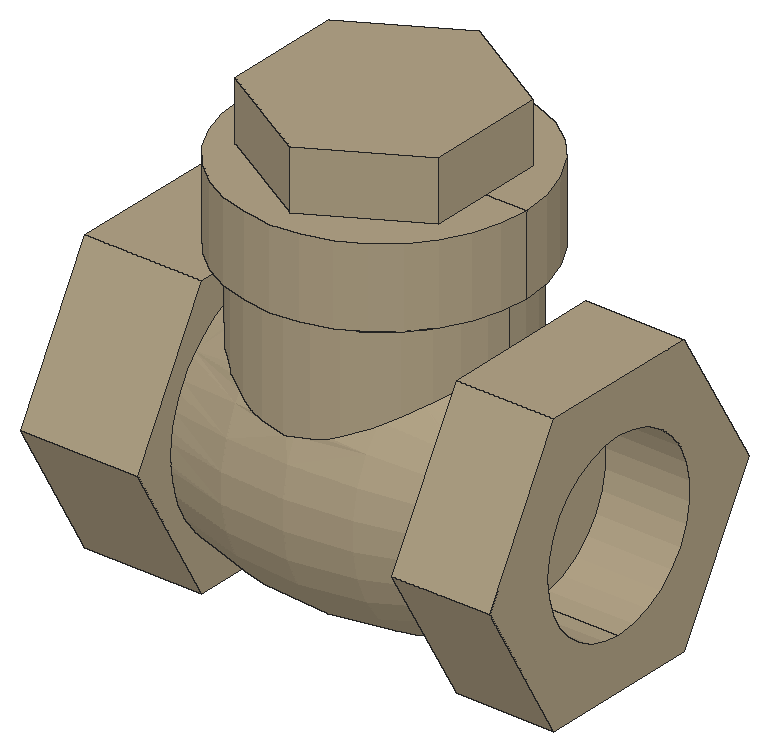
Revit family "Valvula_DeControl_ChequeCortina_Grival", category Pipe Accessories, Revit 2020
Family settings
  Round Connector Dimension = Use Diameter
  Part Type = Valve - Breaks Into
  OmniClass Number = 23.27.31.13.19
  OmniClass Title = Check Balancing Valves
  Work Plane-Based = No
  Always vertical = Yes
  Cut with Voids When Loaded = No
  Shared = No
Parameters (values of type "797150001 (1/2")")
  mm = if(DN = 15, 12.7 mm, if(DN = 20, 20 mm, if(DN = 25, 25 mm, 25 mm)))  # 12.7 mm
  c = 1.7 * Ancho Calc  # 1.774 mm
  b = 2.3 * Ancho Calc  # 2.4 mm
  a = 10 * Ancho Calc  # 10.435 mm
  URL = "https://www.grival.com/soluciones-para-agua/valvulas-de-control/valvulas-cheque/cheque-cortina/"
  Temperatura de uso = "De 4° C A 16° C (40° F y 61° F)."  # constant formula
  Conexión = if(DN = 15, 15 mm, if(DN = 20, 20 mm, if(DN = 25, 25 mm, if(DN = 32, 32 mm, if(DN = 40, 40 mm, if(DN = 50, 50 mm, if(DN = 65, 65 mm, if(DN = 80, 80 mm, if(DN = 100, 100 mm, 100 mm)))))))))  # 15 mm
  Recubrimientos = "Resistente a la corrosión. Condición de servicio recomendada, uso doméstico e institucional."  # constant formula
  Presión de servicio = "Presión de trabajo manométrica máxima del agua 1034 kPa (150 psi) - Presión mínima recomendada 138 kPa (20 psi)."  # constant formula
  Peso = if(DN = 15, "0.15 Kgs", if(DN = 20, "0.22 Kgs", if(DN = 25, "0.35 Kgs", if(DN = 32, "0.53 Kgs", if(DN = 40, "0.74 Kgs", if(DN = 50, "1.17 Kgs", if(DN = 65, "1.81 Kgs", if(DN = 80, "2.43 Kgs", if(DN = 100, "4.9 Kgs", "n/a")))))))))  # "0.15 Kgs"
  Material = Corona_Bronce
  T1 = if(DN = 15, 12 mm, if(DN = 20, 12.5 mm, if(DN = 25, 13 mm, 13 mm)))  # 12 mm
  Inch = if(DN = 15, "1/2", if(DN = 20, "3/4", if(DN = 25, "1", "1")))  # "1/2"
  Fecha de creación = "12/03/2021"  # constant formula
  Default Elevation = 0 mm
  DN = 15
  Type Comments = ""
  Rad = 39.8 * Alto Calc  # 38.044 mm
  PressureDrop [instance] = 0.0 Pa
  Model = "Cheque cortina"  # constant formula
  Manufacturer = "Grival"  # constant formula
  L2 = L / 2 - Conector Offset  # 15.235 mm
  L = if(DN = 15, 48 mm, if(DN = 20, 53 mm, if(DN = 25, 62 mm, 62 mm)))  # 48 mm
  Keynote = ""
  Hex = D + [1] + [1] + [2] + [2]  # 28.676 mm
  Alto Calc = H / 34  # 0.956 mm
  H = if(DN = 15, 32.5 mm, if(DN = 20, 37 mm, if(DN = 25, 42.5 mm, 42.5 mm)))  # 32.5 mm
  Flow [instance] = 0.0 L/s
  T2 = if(DN = 15, 10 mm, if(DN = 20, 12.5 mm, if(DN = 25, 13 mm, 13 mm)))  # 10 mm
  Description = "Permite el paso de agua en una dirección, evitando el flujo en la dirección opuesta."  # constant formula
  D = if(DN = 15, 13 mm, if(DN = 20, 18 mm, if(DN = 25, 22 mm, if(DN = 32, 29 mm, if(DN = 40, 33 mm, if(DN = 50, 42.5 mm, if(DN = 65, 50 mm, if(DN = 80, 62 mm, if(DN = 100, 83 mm, 83 mm)))))))))  # 13 mm
  Ancho Calc = L / 46  # 1.043 mm
  Creado por = "BIMBAU"  # constant formula
  Cost = 0
  Conector Offset = 8.4 * Ancho Calc  # 8.765 mm
  Assembly Code = ""
  5 = 6.3 * Alto Calc  # 6.022 mm
  4 = 1.7 * Alto Calc  # 1.625 mm
  3 = 3.2 * Alto Calc  # 3.059 mm
  2 = 5.4 * Alto Calc  # 5.162 mm
  1 = 2.8 * Alto Calc  # 2.676 mm
Types (3, lengths in mm): name | mm | c | b | a | Conexión | Peso | Material | T1 | Inch | DN | Rad | L2 | L | Hex | Alto Calc | H | T2 | D | Ancho Calc | Conector Offset | 5 | 4 | 3 | 2 | 1
  797150001 (1/2") | 12.7 | 1.774 | 2.4 | 10.435 | 15 | "0.15 Kgs" | Corona_Bronce | 12 | "1/2" | 15 | 38.044 | 15.235 | 48 | 28.676 | 0.956 | 32.5 | 10 | 13 | 1.043 | 8.765 | 6.022 | 1.625 | 3.059 | 5.162 | 2.676
  797160001 (3/4") | 20 | 1.959 | 2.65 | 11.522 | 20 | "0.22 Kgs" | Corona_Bronce | 12.5 | "3/4" | 20 | 43.312 | 16.822 | 53 | 35.847 | 1.088 | 37 | 12.5 | 18 | 1.152 | 9.678 | 6.856 | 1.85 | 3.482 | 5.876 | 3.047
  797170001 (1") | 25 | 2.291 | 3.1 | 13.478 | 25 | "0.35 Kgs" | Brass | 13 | "1" | 25 | 49.75 | 19.678 | 62 | 42.5 | 1.25 | 42.5 | 13 | 22 | 1.348 | 11.322 | 7.875 | 2.125 | 4 | 6.75 | 3.5
Reference planes
  plane 1 "Center (Front/Back)": y = 0
  plane 2: z = 0
  plane 3 "Center (Left/Right)": x = 0
  plane 4: x = -24
  plane 5: x = 24
  plane 6: z = 32.5
  plane 7 "HexBase": z = -14.338
  plane 8 "HexTop": z = 14.338
  plane 9: x = -10.435
  plane 10: x = 10.435
  plane 11: x = -14.609
  plane 12: x = 14.609
  plane 13: z = 9.176
  plane 14: z = -9.176
  plane 15: z = 6.5
  plane 16: z = -6.5
  plane 17: z = 26.478
  plane 18: z = 24.853
  plane 19: x = 12.835
  plane 20: x = -12.835
  plane 21: z = 17.397
  plane 22: through (0, 16.676, -0.207) normal (0, 0.866, 0.5)
  plane 23: through (0, -16.676, -0.207) normal (0, 0.866, -0.5)
  plane 24: through (0, 16.676, 0.207) normal (0, -0.866, 0.5)
  plane 25: through (0, -16.676, 0.207) normal (0, -0.866, -0.5)
  plane 26: through (0, 3.185, 5.517) normal (0, -0.866, 0.5)
  plane 27: through (0, -3.185, 5.517) normal (0, -0.866, -0.5)
  plane 28: through (0.806, 12.496, 1200) normal (0.5, -0.866, 0)
  plane 29: through (11.241, -5.577, 1200) normal (0.5, -0.866, 0)
  plane 30: through (6.023, 3.459, 1200) normal (0.5, -0.866, 0)
  plane 31: through (-0.806, 12.496, 1200) normal (0.5, 0.866, 0)
  plane 32: through (-11.241, -5.577, 1200) normal (0.5, 0.866, 0)
  plane 33: through (-6.023, 3.459, 1200) normal (0.5, 0.866, 0)
  plane 34: x = -15.235
  plane 35: x = 15.235
  plane 36: x = -12
  plane 37: x = 14
  plane 38: y = 7.5
  plane 39: y = -7.5
Forms (mm)
  Revolve 1, solid, material "Corona_Bronce" <- "Material", detail levels fine
    sketch origin (0, 0, 0) x (1, 0, 0) y (0, 0, 1)
      loop
        arc (-24, -5.813) -> (0, -14.338) -> (24, -5.813) r 38.044
        line (24, -5.813) -> (24, 0) -> (-24, 0) -> (-24, -5.813)
      axis (-24, 0) -> (24, 0)
    angle from 0 to 360
  Extrusion 2, solid, material "Corona_Bronce" <- "Material", detail levels fine
    sketch origin (0, 0, 0) x (0, 1, 0) y (0, 0, 1)
      loop
        line (16.556, 0) -> (8.278, 14.338) -> (-8.278, 14.338) -> (-16.556, 0) -> (-8.278, -14.338) -> (8.278, -14.338) -> (16.556, 0)
    from 14 to 24
  Extrusion 3, solid, material "Corona_Bronce" <- "Material", detail levels fine
    sketch origin (0, 0, 0) x (0, 1, 0) y (0, 0, 1)
      loop
        line (16.556, 0) -> (8.278, 14.338) -> (-8.278, 14.338) -> (-16.556, 0) -> (-8.278, -14.338) -> (8.278, -14.338) -> (16.556, 0)
    from -24 to -12
  Revolve 4, solid, material "Corona_Bronce" <- "Material", detail levels fine
    sketch origin (0, 0, 0) x (1, 0, 0) y (0, 0, 1)
      loop
        line (-12.835, 0) -> (0, 0) -> (0, 26.478) -> (-14.609, 26.478) -> (-14.609, 18.421) -> (-12.835, 17.397) -> (-12.835, 0)
      axis (0, 26.478) -> (0, 0)
    angle from 0 to 360
  Extrusion 5, solid, material "Corona_Bronce" <- "Material", detail levels fine
    sketch origin (0, 0, 0) x (1, 0, 0) y (0, 1, 0)
      loop
        line (0, 12.031) -> (-10.435, 6.006) -> (-10.435, -6.043) -> (0, -12.067) -> (10.435, -6.043) -> (10.435, 6.006) -> (0, 12.031)
    from 24.853 to 32.5
  Revolve 6, void
    sketch origin (0, 0, 0) x (1, 0, 0) y (0, 0, 1)
      loop
        line (-24, 9.176) -> (-24, 0) -> (-15.235, 0) -> (-15.235, 9.176) -> (-24, 9.176)
      loop
        line (24, 9.176) -> (15.235, 9.176) -> (15.235, 0) -> (24, 0) -> (24, 9.176)
      axis (-24, 0) -> (24, 0)
    angle from 0 to 360
Cuts and joins
  Revolve 6 cuts Revolve 1
  Revolve 6 cuts Extrusion 2
  Revolve 6 cuts Extrusion 3
  Revolve 6 cuts Revolve 4
  joined: Revolve 1, Extrusion 2, Extrusion 3, Revolve 4, Extrusion 5
Lines and regions (mm)
  reference lines
    curve 1: line (-15.235, 0, 0) -> (15.235, 0, 0)
  model lines, detail levels coarse
    curve 2: line (-15.235, 7.5, 0) -> (-15.235, -7.5, 0)
    curve 3: line (15.235, 7.5, 0) -> (15.235, -7.5, 0)
    curve 4: line (-15.235, -7.5, 0) -> (15.235, 7.5, 0)
    curve 5: line (0, 0, 0) -> (15.235, -7.5, 0)
Dimensions and locks
  equal spacing: plane 5, plane 3 "Center (Left/Right)", plane 4
  "L": plane 5 to plane 4
  "H": plane 6 to plane 2
  "Rad": Revolve 1 sketch curve to plane 7 "HexBase"
  equal spacing: plane 15, level, plane 16
  "D": plane 15 to plane 16
  "1": plane 13 to plane 15
  "1": plane 16 to plane 14
  "2": plane 14 to plane 7 "HexBase"
  "2": plane 8 "HexTop" to plane 13
  "a": plane 3 "Center (Left/Right)" to plane 9
  "b": plane 20 to plane 9
  "a": plane 10 to plane 3 "Center (Left/Right)"
  "b": plane 19 to plane 10
  "c": plane 12 to plane 19
  "c": plane 11 to plane 20
  "3": plane 21 to plane 8 "HexTop"
  "5": plane 6 to plane 17
  "4": plane 17 to plane 18
  equal spacing: plane 24, plane 26, plane 23
  "Hex": plane 24 to plane 23
  equal spacing: plane 22, plane 27, plane 25
  "Hex": plane 22 to plane 25
  "a": plane 32 to plane 33
  "a": plane 33 to plane 31
  "a": plane 30 to plane 28
  "a": plane 29 to plane 30
  "Conector Offset": plane 4 to plane 34
  "Conector Offset": plane 5 to plane 35
  "T1": plane 4 to plane 36
  "T2": plane 5 to plane 37
  equal spacing: plane 38, plane 1 "Center (Front/Back)", plane 39
  "Conexión": plane 38 to plane 39
  "Rad": radius of Revolve 1 sketch curve
  locked: Revolve 4 sketch curve to plane 21 (angle 30.00°)
  aligned and locked: level to plane 2
  aligned and locked: Revolve 1 sketch curve to level  (x2)
  aligned and locked: Revolve 1 sketch curve to plane 4
  aligned and locked: plane 5 to Revolve 1 sketch curve
  aligned and locked: plane 3 "Center (Left/Right)" to Revolve 1 sketch curve
  aligned and locked: plane 22 to Extrusion 2 sketch curve
  aligned and locked: Extrusion 2 sketch curve to plane 8 "HexTop"
  aligned and locked: Extrusion 2 sketch curve to plane 23
  aligned and locked: plane 25 to Extrusion 2 sketch curve
  aligned and locked: plane 7 "HexBase" to Extrusion 2 sketch curve
  aligned and locked: Extrusion 2 sketch curve to plane 24
  aligned and locked: Extrusion 3 sketch curve to plane 24
  aligned and locked: plane 7 "HexBase" to Extrusion 3 sketch curve
  aligned and locked: plane 25 to Extrusion 3 sketch curve
  aligned and locked: Extrusion 3 sketch curve to plane 23
  aligned and locked: Extrusion 3 sketch curve to plane 8 "HexTop"
  aligned and locked: plane 22 to Extrusion 3 sketch curve
  aligned and locked: Extrusion 2 to plane 5
  aligned and locked: Extrusion 3 to plane 4
  aligned and locked: Revolve 4 sketch curve to plane 20
  aligned and locked: Revolve 4 sketch curve to plane 11
  aligned and locked: Revolve 4 sketch curve to plane 3 "Center (Left/Right)"  (x2)
  aligned and locked: Revolve 4 sketch curve to level
  aligned and locked: plane 21 to Revolve 4 sketch curve
  aligned and locked: plane 20 to Revolve 4 sketch curve
  aligned and locked: plane 17 to Revolve 4 sketch curve
  aligned and locked: plane 11 to Revolve 4 sketch curve
  aligned and locked: Extrusion 5 sketch curve to plane 28
  aligned and locked: Extrusion 5 sketch curve to plane 9
  aligned and locked: plane 31 to Extrusion 5 sketch curve
  aligned and locked: plane 10 to Extrusion 5 sketch curve
  aligned and locked: plane 29 to Extrusion 5 sketch curve
  aligned and locked: Extrusion 5 sketch curve to plane 32
  aligned and locked: Extrusion 5 to plane 18
  aligned and locked: plane 6 to Extrusion 5
  aligned and locked: plane 13 to Revolve 6 sketch curve
  aligned and locked: Revolve 6 sketch curve to plane 13
  aligned and locked: plane 4 to Revolve 6 sketch curve
  aligned and locked: Revolve 6 sketch curve to plane 5
  aligned and locked: Revolve 6 sketch curve to level  (x2)
  aligned and locked: level to Revolve 6 sketch curve
  aligned and locked: plane 34 to curve 1
  aligned and locked: plane 35 to curve 1
  aligned and locked: plane 34 to curve 2
  aligned and locked: curve 3 to plane 35
  aligned and locked: curve 1 to level
  aligned and locked: cut or joined group of Revolve 1, Extrusion 2, Extrusion 3, Revolve 4, Extrusion 5, Revolve 6 to plane 37
  aligned and locked: cut or joined group of Revolve 1, Extrusion 2, Extrusion 3, Revolve 4, Extrusion 5, Revolve 6 to plane 36
  aligned and locked: Revolve 6 sketch curve to plane 35
  aligned and locked: plane 34 to Revolve 6 sketch curve
  aligned and locked: plane 38 to curve 2
  aligned and locked: plane 39 to curve 2
  aligned and locked: plane 38 to curve 3
  aligned and locked: plane 39 to curve 3
  aligned and locked: plane 35 to nested 1
  aligned and locked: plane 1 "Center (Front/Back)" to nested 1
Automatic sketch dimensions
  Revolve 6 sketch curve to plane 4 = 1328.99 mm
  Revolve 6 sketch curve to plane 5 = 1875.983 mm
  plane 1 "Center (Front/Back)" to curve 5 = 0 mm
  Revolve 4 sketch curve to plane 7 "HexBase" = 351.345 mm
  Revolve 4 sketch curve to plane 6 = 7.875 mm
  Revolve 1 sketch curve to plane 4 = 1328.99 mm
  Revolve 1 sketch curve to plane 5 = 1875.983 mm
Nested families
  nested 1: "FilledRegion" at (15.235, 0, 0), type "FilledRegion"
Connectors
  piping at (15.235, 0, 0), diameter 15, driven by "Conexión", driven by "Flow", driven by "PressureDrop"
    settings: on curve 1, index 1, connector inside diameter 609.6 mm, connector length 0 mm, flow factor 0, pipe flow 0.0 L/s, pressure drop 0.0 Pa, fitting loss kfactor 0, connector angle 0.00°, fixture units 0, engagement length 0 mm, angle of deflection 0.00°, flow configuration 0, flow direction 2, fitting loss method 4, system type 29, joint type 0, gender type 0, connector reference index 2, connector utility 0, adjustable connector no, is connector primary no, connector description ""
  piping at (-15.235, 0, 0), diameter 15, driven by "Conexión", driven by "Flow", driven by "PressureDrop"
    settings: on curve 1, index 2, connector inside diameter 609.6 mm, connector length 0 mm, flow factor 0, pipe flow 0.0 L/s, pressure drop 0.0 Pa, fitting loss kfactor 0, connector angle 0.00°, fixture units 0, engagement length 0 mm, angle of deflection 0.00°, flow configuration 0, flow direction 1, fitting loss method 4, system type 29, joint type 0, gender type 0, connector reference index 1, connector utility 0, adjustable connector no, is connector primary yes, connector description ""
Definition of nested family "FilledRegion"
  Parameters (values of type "FilledRegion")
    Length = 101.6 mm
    Height = 50 mm
  Reference planes
    plane 1 "Center (Front/Back)": y = 0
    plane 2: z = 0
    plane 3 "Center (Left/Right)": x = 0
    plane 4: x = -101.6
    plane 5: y = 25
    plane 6: y = -25
  Lines and regions (mm)
    Filled region 1, type "Solid Fill - Black", in view "Ref. Level"
      outline origin (0, 0, 0) x (1, 0, 0) y (0, 1, 0)
        loop
          line (-101.6, 0) -> (0, -25) -> (0, 25) -> (-101.6, 0)
  Dimensions and locks
    equal spacing: plane 5, plane 1 "Center (Front/Back)", plane 6
    "Height": plane 5 to plane 6
    "Length": plane 4 to plane 3 "Center (Left/Right)"
    aligned and locked: Filled region 1 sketch curve to plane 3 "Center (Left/Right)"
    aligned and locked: plane 4 to Filled region 1 sketch curve
    aligned and locked: plane 1 "Center (Front/Back)" to Filled region 1 sketch curve
    aligned and locked: plane 6 to Filled region 1 sketch curve
    aligned and locked: plane 5 to Filled region 1 sketch curve
